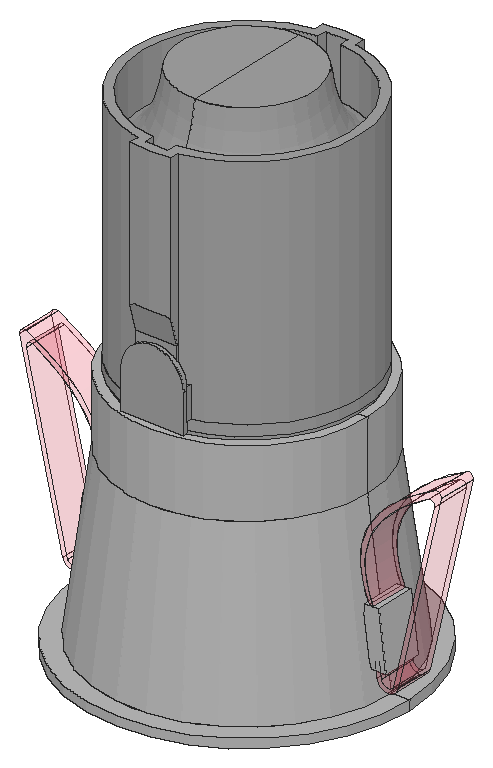
Revit family "LAMP_MOODY G2 800 (DALI) + MINI ROUND FIXED REFLECTOR", category Luminarias, Revit 2015
Parameters (values of type "2700K FLOOD")
  Ángulo de inclinación = 90.00°
  White reflector model = White reflector code  # "MORFRD072FXW"
  White reflector finish = "Matt white"
  White reflector description = "MOODY REF RD FX Ø72 WH."
  White reflector datasheet = "http://www.lamp.es/product-files/TECH/MORFRD072FXW-EN.pdf"
  White reflector code = "MORFRD072FXW"
  White reflector [instance] = no
  Wattage = 6.1 W
  UGR = "21"
  Type = "COB PHILIPS"
  Total weight = 0.242 kg
  Total height = 115 mm
  Silver reflector model = Silver reflector code  # "MORFRD072FXM"
  Silver reflector finish = "Metalized matt silver"
  Silver reflector description = "MOODY REF RD FX Ø72 MET."
  Silver reflector datasheet = "http://www.lamp.es/product-files/TECH/MORFRD072FXM-EN.pdf"
  Silver reflector code = "MORFRD072FXM"
  Silver reflector [instance] = no
  Reflector diameter = 72 mm
  Reflector [instance] = and(not(White reflector), not(Copper reflector), not(Black reflector), not(Silver reflector))  # no
  Recessed diameter = 68 mm
  built-in parameter 1150110 = 1 (stored number, unit not read)
  Protection rating = "IP20"
  Product URL = "https://www.lamp.es/en/family/moody_33323"
  Power Supply = "220-240V 50/60Hz"
  Power = 5 W
  Plum = 6.1 W
  Model explanation = "Availability of switching reflector colour when placed in a project."
  Material Reflector Plata = LAMP_PC Reflector Moody GR
  Material Reflector Negro = LAMP_PC Reflector Moody NG
  Material Reflector Cobre = LAMP_PC Reflector Moody CO
  Material Reflector Blanco = LAMP_PC Reflector Moody BL
  Material Muelle Emp. = LAMP_Acero genérico
  Manufacturer name = "LAMP"
  Manufacturer country = "Spain"
  Manufacturer URL = "http://www.lamp.es/en"
  MacAdam = "3"
  Lámpara = "COB LED"
  Luminaire type = "Indoor - Recessed Downlight"
  Last update = "28/08/2019"
  LED Lifetime = "50.000 L90 B10"
  Insulation class = "II"
  Installation instructions = "https://www.lamp.es/product-files/INS/1004620-A-INSTR.%20MOODY%20G2.pdf"
  IEE = "A++"
  Gear = "Adjustable DALI"
  built-in parameter 1114217 = 1 (stored number, unit not read)
  built-in parameter 1150109 = 1 (stored number, unit not read)
  Fabricante = Manufacturer name  # "LAMP"
  Efficacy = 71.3 lm/W
  Descripción = "MOODY G2 800 VWW FL DALI BK."
  Core product code = "MO208FL927DB"
  Core model = Core product code  # "MO208FL927DB"
  Core diameter = 50 mm
  Core description = "MOODY CORE 500 VWW MFL"
  Core datasheet = "http://www.lamp.es/product-files/TECH/MO208FL927DB-EN.pdf"
  Copper reflector model = Copper reflector code  # "MORFRD072FXC"
  Copper reflector finish = "Metalized matt copper"
  Copper reflector description = "MOODY REF RD FX Ø72 CO."
  Copper reflector datasheet = "http://www.lamp.es/product-files/TECH/MORFRD072FXW-EN.pdf"
  Copper reflector code = "MORFRD072FXC"
  Comentarios de tipo = Model explanation  # "Availability of switching reflector colour when placed in a project."
  built-in parameter 1150134 = (empty or 0)
  built-in parameter 1150113 = 1 (stored number, unit not read)
  Lumens = 434.93 lm
  built-in parameter 1150115 = 1 (stored number, unit not read)
  built-in parameter 1150105 = 34.611 (stored number, unit not read)
  built-in parameter 1150137 = (empty or 0)
  built-in parameter 1150139 = (empty or 0)
  built-in parameter 1150112 = 1 (stored number, unit not read)
  built-in parameter 1150114 = 1 (stored number, unit not read)
  built-in parameter 1150132 = 2
  built-in parameter 1150102 = (empty or 0)
  built-in parameter 1150138 = (empty or 0)
  built-in parameter 1150107 = 2700 (stored number, unit not read)
  built-in parameter 1150106 = 0.34611 (stored number, unit not read)
  built-in parameter 1150104 = 6.624 (stored number, unit not read)
  Dimming Lamp Color Temperature Shift = (empty or 0)
  Color Filter = 16777215
  built-in parameter 1114218 = 1 (stored number, unit not read)
  CRI = "90"
  Copper reflector [instance] = yes
  Black reflector model = Black reflector code  # "MORFRD072FXB"
  Black reflector finish = "Matt black"
  Black reflector description = "MOODY REF RD FX Ø72 BK."
  Black reflector datasheet = "http://www.lamp.es/product-files/TECH/MORFRD072FXB-EN.pdf"
  Black reflector code = "MORFRD072FXB"
  Black reflector [instance] = no
  Archivo de red fotométrica = "MO208FL927TB+MORFRD072FXM.IES"
  Altura reflector = 52.8 mm
  built-in parameter 1150133 = 10 (stored number, unit not read)
Types (9, lengths in mm): name | Efficacy | Descripción | Core product code | Core model | Core datasheet | built-in parameter 1150107 | CRI
  2700K FLOOD | 71.3 lm/W | "MOODY G2 800 VWW FL DALI BK." | "MO208FL927DB" | "MO208FL927DB" | "http://www.lamp.es/product-files/TECH/MO208FL927DB-EN.pdf" | 2700 (stored number, unit not read) | "90"
  2700K SPOT | 71.3 lm/W | "MOODY G2 800 VWW SP DALI BK." | "MO208SP927DB" | "MO208SP927DB" | "http://www.lamp.es/product-files/TECH/MO208SP927DB-EN.pdf" | 2700 (stored number, unit not read) | "90"
  2700K WIDE FLOOD | 71.3 lm/W | "MOODY G2 800 VWW WFL DALI BK." | "MO208WF927DB" | "MO208WF927DB" | "http://www.lamp.es/product-files/TECH/MO208WF927DB-EN.pdf" | 2700 (stored number, unit not read) | "90"
  3000K FLOOD | 87.4 lm/W | "MOODY G2 800 WW FL DALI BK." | "MO208FL830DB" | "MO208FL830DB" | "http://www.lamp.es/product-files/TECH/MO208FL830DB-EN.pdf" | 3000 (stored number, unit not read) | "80"
  3000K SPOT | 87.4 lm/W | "MOODY G2 800 WW SP DALI BK." | "MO208SP830DB" | "MO208SP830DB" | "http://www.lamp.es/product-files/TECH/MO208SP830DB-EN.pdf" | 3000 (stored number, unit not read) | "80"
  3000K WIDE FLOOD | 87.4 lm/W | "MOODY G2 800 WW WFL DALI BK." | "MO208WF830DB" | "MO208WF830DB" | "http://www.lamp.es/product-files/TECH/MO208WF830DB-EN.pdf" | 3000 (stored number, unit not read) | "80"
  4000K FLOOD | 92.6 lm/W | "MOODY G2 800 NW FL DALI BK." | "MO208FL840DB" | "MO208FL840DB" | "http://www.lamp.es/product-files/TECH/MO208FL840DB-EN.pdf" | 4000 (stored number, unit not read) | "80"
  4000K SPOT | 92.6 lm/W | "MOODY G2 800 NW SP DALI BK." | "MO208SP840DB" | "MO208SP840DB" | "http://www.lamp.es/product-files/TECH/MO208SP840DB-EN.pdf" | 4000 (stored number, unit not read) | "80"
  4000K WIDE FLOOD | 92.6 lm/W | "MOODY G2 800 NW WFL DALI BK." | "MO208WF840DB" | "MO208WF840DB" | "http://www.lamp.es/product-files/TECH/MO208WF840DB-EN.pdf" | 4000 (stored number, unit not read) | "80"
Reference planes
  plane 1 "Eje de origen de luz (F/P)": y = 0
  plane 2: z = 0
  plane 3 "Eje de origen de luz (I/D)": x = 0
  plane 4 "Techo": z = 4000
  plane 5 "Elevación de origen de luz": z = 4000
Forms (mm)
  Revolve 1, solid, material "LAMP_PC Reflector Moody CO" <- "Material Reflector Cobre", visible <- "Reflector"
    sketch origin (0, 0, 0) x (1, 0, 0) y (0, 0, 1)
      loop
        line (-30, 3998) -> (-30, 4000) -> (-24.838, 4037.526) -> (-24.838, 4045.8) -> (-23.138, 4045.8) -> (-23.138, 4047.8) -> (-24.838, 4047.8) -> (-24.838, 4052.8) -> (-26.8, 4052.8) -> (-26.8, 4037.8) -> (-32, 4000) -> (-36, 4000) -> (-36, 3998) -> (-30, 3998)
      axis (0, 3998) -> (0, 4052.8)
    angle from 0 to 360
  Extrusion 2, solid, material "LAMP_PC Reflector Moody CO" <- "Material Reflector Cobre", visible <- "Reflector"
    sketch origin (0, 0, 0) x (1, 0, 0) y (0, 0, 1)
      loop
        line (-31.187, 4006.379) -> (-29.063, 4012.148) -> (-29.652, 4018.879) -> (-32.652, 4018.879) -> (-34.187, 4006.379) -> (-31.187, 4006.379)
    from 4.4 to -4.4
  Extrusion 3, solid, material "LAMP_Acero genérico" <- "Material Muelle Emp."
    sketch origin (0, 0, 0) x (1, 0, 0) y (0, 0, 1)
      loop
        line (-31.943, 4008.334) -> (-32.936, 4008.456) -> (-33.354, 4005.052)
        arc (-33.354, 4005.052) -> (-34.505, 4003.774) -> (-36.101, 4004.418) r 1.5
        line (-36.101, 4004.418) -> (-45.08, 4043.315)
        arc (-45.08, 4043.315) -> (-44.744, 4044.291) -> (-43.719, 4044.417) r 0.975
        spline (-43.719, 4044.417) -> (-39.839, 4042.049) -> (-36.692, 4039.685) -> (-34.215, 4037.335) -> (-32.344, 4035.012) -> (-31.016, 4032.729) -> (-30.17, 4030.498) -> (-29.74, 4028.33) -> (-29.666, 4026.239) -> (-29.883, 4024.236) -> (-30.329, 4022.333) -> (-30.941, 4020.544) -> (-31.656, 4018.879)
        line (-31.656, 4018.879) -> (-30.649, 4018.879)
        spline (-30.649, 4018.879) -> (-29.869, 4020.895) -> (-29.241, 4023.007) -> (-28.826, 4025.204) -> (-28.688, 4027.472) -> (-28.891, 4029.797) -> (-29.498, 4032.167) -> (-30.573, 4034.568) -> (-32.179, 4036.988) -> (-34.38, 4039.414) -> (-37.239, 4041.832) -> (-40.82, 4044.23) -> (-45.186, 4046.593)
        arc (-45.186, 4046.593) -> (-46.211, 4046.467) -> (-46.547, 4045.491) r 0.975
        line (-46.547, 4045.491) -> (-37.091, 4004.532)
        arc (-37.091, 4004.532) -> (-36.228, 4003.203) -> (-34.714, 4002.739) r 2.317
        arc (-34.714, 4002.739) -> (-33.138, 4003.406) -> (-32.361, 4004.931) r 2.5
        line (-32.361, 4004.931) -> (-31.943, 4008.334)
    from 4.4 to -4.4
  Extrusion 4, solid, material "LAMP_PC Reflector Moody CO" <- "Material Reflector Cobre", visible <- "Reflector"
    sketch origin (0, 0, 0) x (-1, 0, 0) y (0, 0, -1)
      loop
        line (-31.187, -4006.379) -> (-34.187, -4006.379) -> (-32.652, -4018.879) -> (-29.652, -4018.879) -> (-29.063, -4012.148) -> (-31.187, -4006.379)
    from 4.4 to -4.4
  Extrusion 5, solid, material "LAMP_Acero genérico" <- "Material Muelle Emp."
    sketch origin (0, 0, 0) x (-1, 0, 0) y (0, 0, -1)
      loop
        line (-31.943, -4008.334) -> (-32.361, -4004.931)
        arc (-32.361, -4004.931) -> (-33.138, -4003.406) -> (-34.714, -4002.739) r 2.5
        arc (-34.714, -4002.739) -> (-36.228, -4003.203) -> (-37.091, -4004.532) r 2.317
        line (-37.091, -4004.532) -> (-46.547, -4045.491)
        arc (-46.547, -4045.491) -> (-46.211, -4046.467) -> (-45.186, -4046.593) r 0.975
        spline (-45.186, -4046.593) -> (-40.82, -4044.23) -> (-37.239, -4041.832) -> (-34.38, -4039.414) -> (-32.179, -4036.988) -> (-30.573, -4034.568) -> (-29.498, -4032.167) -> (-28.891, -4029.797) -> (-28.688, -4027.472) -> (-28.826, -4025.204) -> (-29.241, -4023.007) -> (-29.869, -4020.895) -> (-30.649, -4018.879)
        line (-30.649, -4018.879) -> (-31.656, -4018.879)
        spline (-31.656, -4018.879) -> (-30.941, -4020.544) -> (-30.329, -4022.333) -> (-29.883, -4024.236) -> (-29.666, -4026.239) -> (-29.74, -4028.33) -> (-30.17, -4030.498) -> (-31.016, -4032.729) -> (-32.344, -4035.012) -> (-34.215, -4037.335) -> (-36.692, -4039.685) -> (-39.839, -4042.049) -> (-43.719, -4044.417)
        arc (-43.719, -4044.417) -> (-44.744, -4044.291) -> (-45.08, -4043.315) r 0.975
        line (-45.08, -4043.315) -> (-36.101, -4004.418)
        arc (-36.101, -4004.418) -> (-34.505, -4003.774) -> (-33.354, -4005.052) r 1.5
        line (-33.354, -4005.052) -> (-32.936, -4008.456) -> (-31.943, -4008.334)
    from 4.4 to -4.4
  Revolve 6, solid, material "LAMP_PC Reflector Moody BL" <- "Material Reflector Blanco", visible <- "White reflector"
    sketch origin (0, 0, 0) x (1, 0, 0) y (0, 0, 1)
      loop
        line (-30, 3998) -> (-30, 4000) -> (-24.838, 4037.526) -> (-24.838, 4045.8) -> (-23.138, 4045.8) -> (-23.138, 4047.8) -> (-24.838, 4047.8) -> (-24.838, 4052.8) -> (-26.8, 4052.8) -> (-26.8, 4037.8) -> (-32, 4000) -> (-36, 4000) -> (-36, 3998) -> (-30, 3998)
      axis (0, 3998) -> (0, 4052.8)
    angle from 0 to 360
  Extrusion 7, solid, material "LAMP_PC Reflector Moody BL" <- "Material Reflector Blanco", visible <- "White reflector"
    sketch origin (0, 0, 0) x (1, 0, 0) y (0, 0, 1)
      loop
        line (-31.187, 4006.379) -> (-29.063, 4012.148) -> (-29.652, 4018.879) -> (-32.652, 4018.879) -> (-34.187, 4006.379) -> (-31.187, 4006.379)
    from 4.4 to -4.4
  Extrusion 8, solid, material "LAMP_PC Reflector Moody BL" <- "Material Reflector Blanco", visible <- "White reflector"
    sketch origin (0, 0, 0) x (-1, 0, 0) y (0, 0, -1)
      loop
        line (-31.187, -4006.379) -> (-34.187, -4006.379) -> (-32.652, -4018.879) -> (-29.652, -4018.879) -> (-29.063, -4012.148) -> (-31.187, -4006.379)
    from 4.4 to -4.4
  Revolve 9, solid, material "LAMP_PC Reflector Moody CO" <- "Material Reflector Cobre", visible <- "Copper reflector"
    sketch origin (0, 0, 0) x (1, 0, 0) y (0, 0, 1)
      loop
        line (-30, 3998) -> (-30, 4000) -> (-24.838, 4037.526) -> (-24.838, 4045.8) -> (-23.138, 4045.8) -> (-23.138, 4047.8) -> (-24.838, 4047.8) -> (-24.838, 4052.8) -> (-26.8, 4052.8) -> (-26.8, 4037.8) -> (-32, 4000) -> (-36, 4000) -> (-36, 3998) -> (-30, 3998)
      axis (0, 3998) -> (0, 4052.8)
    angle from 0 to 360
  Extrusion 10, solid, material "LAMP_PC Reflector Moody CO" <- "Material Reflector Cobre", visible <- "Copper reflector"
    sketch origin (0, 0, 0) x (1, 0, 0) y (0, 0, 1)
      loop
        line (-31.187, 4006.379) -> (-29.063, 4012.148) -> (-29.652, 4018.879) -> (-32.652, 4018.879) -> (-34.187, 4006.379) -> (-31.187, 4006.379)
    from 4.4 to -4.4
  Extrusion 11, solid, material "LAMP_PC Reflector Moody CO" <- "Material Reflector Cobre", visible <- "Copper reflector"
    sketch origin (0, 0, 0) x (-1, 0, 0) y (0, 0, -1)
      loop
        line (-31.187, -4006.379) -> (-34.187, -4006.379) -> (-32.652, -4018.879) -> (-29.652, -4018.879) -> (-29.063, -4012.148) -> (-31.187, -4006.379)
    from 4.4 to -4.4
  Revolve 12, solid, material "LAMP_PC Reflector Moody NG" <- "Material Reflector Negro", visible <- "Black reflector"
    sketch origin (0, 0, 0) x (1, 0, 0) y (0, 0, 1)
      loop
        line (-30, 3998) -> (-30, 4000) -> (-24.838, 4037.526) -> (-24.838, 4045.8) -> (-23.138, 4045.8) -> (-23.138, 4047.8) -> (-24.838, 4047.8) -> (-24.838, 4052.8) -> (-26.8, 4052.8) -> (-26.8, 4037.8) -> (-32, 4000) -> (-36, 4000) -> (-36, 3998) -> (-30, 3998)
      axis (0, 3998) -> (0, 4052.8)
    angle from 0 to 360
  Extrusion 13, solid, material "LAMP_PC Reflector Moody NG" <- "Material Reflector Negro", visible <- "Black reflector"
    sketch origin (0, 0, 0) x (1, 0, 0) y (0, 0, 1)
      loop
        line (-31.187, 4006.379) -> (-29.063, 4012.148) -> (-29.652, 4018.879) -> (-32.652, 4018.879) -> (-34.187, 4006.379) -> (-31.187, 4006.379)
    from 4.4 to -4.4
  Extrusion 14, solid, material "LAMP_PC Reflector Moody NG" <- "Material Reflector Negro", visible <- "Black reflector"
    sketch origin (0, 0, 0) x (-1, 0, 0) y (0, 0, -1)
      loop
        line (-31.187, -4006.379) -> (-34.187, -4006.379) -> (-32.652, -4018.879) -> (-29.652, -4018.879) -> (-29.063, -4012.148) -> (-31.187, -4006.379)
    from 4.4 to -4.4
  Revolve 15, solid, material "LAMP_PC Reflector Moody GR" <- "Material Reflector Plata", visible <- "Silver reflector"
    sketch origin (0, 0, 0) x (1, 0, 0) y (0, 0, 1)
      loop
        line (-30, 3998) -> (-30, 4000) -> (-24.838, 4037.526) -> (-24.838, 4045.8) -> (-23.138, 4045.8) -> (-23.138, 4047.8) -> (-24.838, 4047.8) -> (-24.838, 4052.8) -> (-26.8, 4052.8) -> (-26.8, 4037.8) -> (-32, 4000) -> (-36, 4000) -> (-36, 3998) -> (-30, 3998)
      axis (0, 3998) -> (0, 4052.8)
    angle from 0 to 360
  Extrusion 16, solid, material "LAMP_PC Reflector Moody GR" <- "Material Reflector Plata", visible <- "Silver reflector"
    sketch origin (0, 0, 0) x (1, 0, 0) y (0, 0, 1)
      loop
        line (-31.187, 4006.379) -> (-29.063, 4012.148) -> (-29.652, 4018.879) -> (-32.652, 4018.879) -> (-34.187, 4006.379) -> (-31.187, 4006.379)
    from 4.4 to -4.4
  Extrusion 17, solid, material "LAMP_PC Reflector Moody GR" <- "Material Reflector Plata", visible <- "Silver reflector"
    sketch origin (0, 0, 0) x (-1, 0, 0) y (0, 0, -1)
      loop
        line (-31.187, -4006.379) -> (-34.187, -4006.379) -> (-32.652, -4018.879) -> (-29.652, -4018.879) -> (-29.063, -4012.148) -> (-31.187, -4006.379)
    from 4.4 to -4.4
Text (mm)
  text "Any modification of the parameters and properties of the LAMP BIM models must be executed and validated by the LAMP technical department.\n\nPhone: +34 93 736 68 00\n\nE-mail: lamp@lamp.es\n\n\n\nLAMP reserves the right to modify the technical specifications of its products." at (-1613.159, 2195.866, 3466.417), in view "Preview"
Dimensions and locks
  equal spacing: host sketch curve, plane 3 "Eje de origen de luz (I/D)", host sketch curve
  equal spacing: host sketch curve, plane 1 "Eje de origen de luz (F/P)", host sketch curve
  host sketch curve to host sketch curve = 4000 mm  (x2)
  locked: plane 4 "Techo" to host ceiling at 0
  "Altura reflector": plane 4 "Techo" to Revolve 1
  locked: Revolve 1 to nested 1 at 60
  aligned and locked: plane 3 "Eje de origen de luz (I/D)" to imposter light
  aligned and locked: plane 1 "Eje de origen de luz (F/P)" to imposter light
  aligned and locked: plane 5 "Elevación de origen de luz" to imposter light
  aligned and locked: imposter light to plane 4 "Techo"
Automatic sketch dimensions
  Revolve 1 sketch curve to plane 4 "Techo" = 0 mm  (x2)
  Revolve 1 sketch curve to plane 3 "Eje de origen de luz (I/D)" = 0 mm
  Revolve 1 sketch curve to plane 3 "Eje de origen de luz (I/D)" = 23.138 mm
  Revolve 1 sketch curve to Revolve 1 sketch curve = 1.7 mm  (x2)
  Revolve 1 sketch curve to Revolve 1 sketch curve = 1.962 mm
  Revolve 1 sketch curve to plane 3 "Eje de origen de luz (I/D)" = 30 mm
  Revolve 1 sketch curve to Revolve 1 sketch curve = 2 mm  (x2)
  Revolve 1 sketch curve to Revolve 1 sketch curve = 4 mm
  plane 4 "Techo" to Revolve 1 sketch curve = 2 mm
  Revolve 1 sketch curve to plane 4 "Techo" = 37.526 mm
  Revolve 1 sketch curve to Revolve 1 sketch curve = 0.274 mm
  Revolve 1 sketch curve to Revolve 1 sketch curve = 8 mm
  Revolve 1 sketch curve to Revolve 1 sketch curve = 5 mm
  Revolve 1 sketch curve to level = 358.228 mm
  Revolve 1 sketch curve to Revolve 1 sketch curve = 309.385 mm
  Extrusion 2 sketch curve to plane 4 "Techo" = 6.379 mm
  Extrusion 2 sketch curve to plane 3 "Eje de origen de luz (I/D)" = 34.187 mm
  Extrusion 2 sketch curve to Extrusion 2 sketch curve = 1.535 mm
  Extrusion 2 sketch curve to Extrusion 2 sketch curve = 3 mm  (x2)
  Extrusion 2 sketch curve to plane 4 "Techo" = 12.148 mm
  Extrusion 2 sketch curve to Extrusion 2 sketch curve = 2.124 mm
  Extrusion 2 sketch curve to Extrusion 2 sketch curve = 6.731 mm
  Extrusion 3 sketch curve to Extrusion 3 sketch curve = 0 mm  (x2)
  Extrusion 3 sketch curve to plane 3 "Eje de origen de luz (I/D)" = 46.547 mm
  Extrusion 3 sketch curve to Extrusion 3 sketch curve = 0.95 mm  (x2)
  Extrusion 3 sketch curve to Extrusion 3 sketch curve = 0.412 mm  (x2)
  Extrusion 3 sketch curve to Extrusion 3 sketch curve = 0.517 mm
  Extrusion 3 sketch curve to plane 4 "Techo" = 4.532 mm
  Extrusion 3 sketch curve to plane 3 "Eje de origen de luz (I/D)" = 37.091 mm
  Extrusion 3 sketch curve to plane 4 "Techo" = 4.418 mm
  Extrusion 3 sketch curve to Extrusion 3 sketch curve = 0.991 mm
  Extrusion 3 sketch curve to Extrusion 3 sketch curve = 1.258 mm
  Extrusion 3 sketch curve to Extrusion 3 sketch curve = 0.009 mm
  Extrusion 3 sketch curve to plane 4 "Techo" = 5.052 mm
  Extrusion 3 sketch curve to Extrusion 3 sketch curve = 1.479 mm
  Extrusion 3 sketch curve to plane 4 "Techo" = 8.456 mm
  Extrusion 3 sketch curve to Extrusion 3 sketch curve = 0.418 mm
  Extrusion 3 sketch curve to plane 4 "Techo" = 4.931 mm
  Extrusion 3 sketch curve to Extrusion 3 sketch curve = 0.993 mm
  Extrusion 3 sketch curve to Extrusion 3 sketch curve = 1.28 mm
  Extrusion 3 sketch curve to Extrusion 3 sketch curve = 1.008 mm
  Extrusion 3 sketch curve to Extrusion 3 sketch curve = 0.182 mm
  Extrusion 3 sketch curve to Extrusion 3 sketch curve = 10.423 mm
  Extrusion 3 sketch curve to Extrusion 3 sketch curve = 24.435 mm
  Extrusion 3 sketch curve to Extrusion 3 sketch curve = 0.219 mm  (x2)
  Extrusion 3 sketch curve to Extrusion 3 sketch curve = 2.176 mm
  plane 4 "Techo" to Extrusion 4 sketch curve = 6.379 mm
  Extrusion 4 sketch curve to plane 3 "Eje de origen de luz (I/D)" = 34.187 mm
  Extrusion 4 sketch curve to Extrusion 4 sketch curve = 1.535 mm
  Extrusion 4 sketch curve to Extrusion 4 sketch curve = 3 mm  (x2)
  plane 4 "Techo" to Extrusion 4 sketch curve = 12.148 mm
  Extrusion 4 sketch curve to Extrusion 4 sketch curve = 2.124 mm
  Extrusion 4 sketch curve to Extrusion 4 sketch curve = 6.731 mm
  Extrusion 5 sketch curve to Extrusion 5 sketch curve = 0 mm  (x2)
  Extrusion 5 sketch curve to plane 3 "Eje de origen de luz (I/D)" = 46.547 mm
  Extrusion 5 sketch curve to Extrusion 5 sketch curve = 0.95 mm  (x2)
  Extrusion 5 sketch curve to Extrusion 5 sketch curve = 0.412 mm  (x2)
  Extrusion 5 sketch curve to Extrusion 5 sketch curve = 0.517 mm
  plane 4 "Techo" to Extrusion 5 sketch curve = 4.532 mm
  Extrusion 5 sketch curve to plane 3 "Eje de origen de luz (I/D)" = 37.091 mm
  plane 4 "Techo" to Extrusion 5 sketch curve = 4.418 mm
  Extrusion 5 sketch curve to Extrusion 5 sketch curve = 0.991 mm
  Extrusion 5 sketch curve to Extrusion 5 sketch curve = 1.258 mm
  Extrusion 5 sketch curve to Extrusion 5 sketch curve = 0.009 mm
  plane 4 "Techo" to Extrusion 5 sketch curve = 5.052 mm
  Extrusion 5 sketch curve to Extrusion 5 sketch curve = 1.479 mm
  plane 4 "Techo" to Extrusion 5 sketch curve = 8.456 mm
  Extrusion 5 sketch curve to Extrusion 5 sketch curve = 0.418 mm
  plane 4 "Techo" to Extrusion 5 sketch curve = 4.931 mm
  Extrusion 5 sketch curve to Extrusion 5 sketch curve = 0.993 mm
  Extrusion 5 sketch curve to Extrusion 5 sketch curve = 1.28 mm
  Extrusion 5 sketch curve to Extrusion 5 sketch curve = 1.008 mm
  Extrusion 5 sketch curve to Extrusion 5 sketch curve = 0.182 mm
  Extrusion 5 sketch curve to Extrusion 5 sketch curve = 10.423 mm
  Extrusion 5 sketch curve to Extrusion 5 sketch curve = 24.435 mm
  Extrusion 5 sketch curve to Extrusion 5 sketch curve = 0.219 mm  (x2)
  Extrusion 5 sketch curve to Extrusion 5 sketch curve = 2.176 mm
  Revolve 6 sketch curve to plane 4 "Techo" = 0 mm  (x2)
  plane 4 "Techo" to Revolve 6 sketch curve = 2 mm
  Revolve 6 sketch curve to plane 3 "Eje de origen de luz (I/D)" = 36 mm
  Revolve 6 sketch curve to Revolve 6 sketch curve = 4 mm
  Revolve 6 sketch curve to Revolve 6 sketch curve = 2 mm  (x2)
  Revolve 6 sketch curve to Revolve 6 sketch curve = 3.2 mm
  Revolve 6 sketch curve to Revolve 6 sketch curve = 1.962 mm  (x2)
  Revolve 6 sketch curve to Revolve 6 sketch curve = 1.7 mm
  Revolve 6 sketch curve to plane 4 "Techo" = 37.526 mm
  Revolve 6 sketch curve to Revolve 6 sketch curve = 0.274 mm
  Revolve 6 sketch curve to Revolve 6 sketch curve = 8 mm
  Revolve 6 sketch curve to Revolve 6 sketch curve = 5 mm
  plane 3 "Eje de origen de luz (I/D)" to Revolve 6 sketch curve = 0 mm
  Revolve 6 sketch curve to level = 358.228 mm
  Revolve 6 sketch curve to Revolve 6 sketch curve = 309.385 mm
  Extrusion 7 sketch curve to plane 4 "Techo" = 6.379 mm
  Extrusion 7 sketch curve to plane 3 "Eje de origen de luz (I/D)" = 34.187 mm
  Extrusion 7 sketch curve to Extrusion 7 sketch curve = 1.535 mm
  Extrusion 7 sketch curve to Extrusion 7 sketch curve = 3 mm  (x2)
  Extrusion 7 sketch curve to plane 4 "Techo" = 18.879 mm
  Extrusion 7 sketch curve to plane 4 "Techo" = 12.148 mm
  Extrusion 7 sketch curve to Extrusion 7 sketch curve = 2.124 mm
  plane 4 "Techo" to Extrusion 8 sketch curve = 6.379 mm
  Extrusion 8 sketch curve to plane 3 "Eje de origen de luz (I/D)" = 34.187 mm
  Extrusion 8 sketch curve to Extrusion 8 sketch curve = 1.535 mm
  Extrusion 8 sketch curve to Extrusion 8 sketch curve = 3 mm  (x2)
  plane 4 "Techo" to Extrusion 8 sketch curve = 18.879 mm
  plane 4 "Techo" to Extrusion 8 sketch curve = 12.148 mm
  Extrusion 8 sketch curve to Extrusion 8 sketch curve = 2.124 mm
  Revolve 9 sketch curve to plane 4 "Techo" = 0 mm  (x2)
  plane 4 "Techo" to Revolve 9 sketch curve = 2 mm
  Revolve 9 sketch curve to plane 3 "Eje de origen de luz (I/D)" = 36 mm
  Revolve 9 sketch curve to Revolve 9 sketch curve = 4 mm
  Revolve 9 sketch curve to Revolve 9 sketch curve = 2 mm  (x2)
  Revolve 9 sketch curve to Revolve 9 sketch curve = 3.2 mm
  Revolve 9 sketch curve to Revolve 9 sketch curve = 1.962 mm  (x2)
  Revolve 9 sketch curve to Revolve 9 sketch curve = 1.7 mm
  Revolve 9 sketch curve to plane 4 "Techo" = 37.526 mm
  Revolve 9 sketch curve to Revolve 9 sketch curve = 0.274 mm
  Revolve 9 sketch curve to Revolve 9 sketch curve = 8 mm
  Revolve 9 sketch curve to Revolve 9 sketch curve = 5 mm
  plane 3 "Eje de origen de luz (I/D)" to Revolve 9 sketch curve = 0 mm
  Revolve 9 sketch curve to level = 358.228 mm
  Revolve 9 sketch curve to Revolve 9 sketch curve = 309.385 mm
  Extrusion 10 sketch curve to plane 4 "Techo" = 6.379 mm
  Extrusion 10 sketch curve to plane 3 "Eje de origen de luz (I/D)" = 34.187 mm
  Extrusion 10 sketch curve to Extrusion 10 sketch curve = 1.535 mm
  Extrusion 10 sketch curve to Extrusion 10 sketch curve = 3 mm  (x2)
  Extrusion 10 sketch curve to plane 4 "Techo" = 18.879 mm
  Extrusion 10 sketch curve to plane 4 "Techo" = 12.148 mm
  Extrusion 10 sketch curve to Extrusion 10 sketch curve = 2.124 mm
  plane 4 "Techo" to Extrusion 11 sketch curve = 6.379 mm
  Extrusion 11 sketch curve to plane 3 "Eje de origen de luz (I/D)" = 34.187 mm
  Extrusion 11 sketch curve to Extrusion 11 sketch curve = 1.535 mm
  Extrusion 11 sketch curve to Extrusion 11 sketch curve = 3 mm  (x2)
  plane 4 "Techo" to Extrusion 11 sketch curve = 18.879 mm
  plane 4 "Techo" to Extrusion 11 sketch curve = 12.148 mm
  Extrusion 11 sketch curve to Extrusion 11 sketch curve = 2.124 mm
  Revolve 12 sketch curve to plane 4 "Techo" = 0 mm  (x2)
  plane 4 "Techo" to Revolve 12 sketch curve = 2 mm
  Revolve 12 sketch curve to plane 3 "Eje de origen de luz (I/D)" = 36 mm
  Revolve 12 sketch curve to Revolve 12 sketch curve = 4 mm
  Revolve 12 sketch curve to Revolve 12 sketch curve = 2 mm  (x2)
  Revolve 12 sketch curve to Revolve 12 sketch curve = 3.2 mm
  Revolve 12 sketch curve to Revolve 12 sketch curve = 1.962 mm  (x2)
  Revolve 12 sketch curve to Revolve 12 sketch curve = 1.7 mm
  Revolve 12 sketch curve to plane 4 "Techo" = 37.526 mm
  Revolve 12 sketch curve to Revolve 12 sketch curve = 0.274 mm
  Revolve 12 sketch curve to Revolve 12 sketch curve = 8 mm
  Revolve 12 sketch curve to Revolve 12 sketch curve = 5 mm
  plane 3 "Eje de origen de luz (I/D)" to Revolve 12 sketch curve = 0 mm
  Revolve 12 sketch curve to level = 358.228 mm
  Revolve 12 sketch curve to Revolve 12 sketch curve = 309.385 mm
  Extrusion 13 sketch curve to plane 4 "Techo" = 6.379 mm
  Extrusion 13 sketch curve to plane 3 "Eje de origen de luz (I/D)" = 34.187 mm
  Extrusion 13 sketch curve to Extrusion 13 sketch curve = 1.535 mm
  Extrusion 13 sketch curve to Extrusion 13 sketch curve = 3 mm  (x2)
  Extrusion 13 sketch curve to plane 4 "Techo" = 18.879 mm
  Extrusion 13 sketch curve to plane 4 "Techo" = 12.148 mm
  Extrusion 13 sketch curve to Extrusion 13 sketch curve = 2.124 mm
  plane 4 "Techo" to Extrusion 14 sketch curve = 6.379 mm
  Extrusion 14 sketch curve to plane 3 "Eje de origen de luz (I/D)" = 34.187 mm
  Extrusion 14 sketch curve to Extrusion 14 sketch curve = 1.535 mm
  Extrusion 14 sketch curve to Extrusion 14 sketch curve = 3 mm  (x2)
  plane 4 "Techo" to Extrusion 14 sketch curve = 18.879 mm
  plane 4 "Techo" to Extrusion 14 sketch curve = 12.148 mm
  Extrusion 14 sketch curve to Extrusion 14 sketch curve = 2.124 mm
  Revolve 15 sketch curve to plane 4 "Techo" = 0 mm  (x2)
  plane 4 "Techo" to Revolve 15 sketch curve = 2 mm
  Revolve 15 sketch curve to plane 3 "Eje de origen de luz (I/D)" = 36 mm
  Revolve 15 sketch curve to Revolve 15 sketch curve = 4 mm
  Revolve 15 sketch curve to Revolve 15 sketch curve = 2 mm  (x2)
  Revolve 15 sketch curve to Revolve 15 sketch curve = 3.2 mm
  Revolve 15 sketch curve to Revolve 15 sketch curve = 1.962 mm  (x2)
  Revolve 15 sketch curve to Revolve 15 sketch curve = 1.7 mm
  Revolve 15 sketch curve to plane 4 "Techo" = 37.526 mm
  Revolve 15 sketch curve to Revolve 15 sketch curve = 0.274 mm
  Revolve 15 sketch curve to Revolve 15 sketch curve = 8 mm
  Revolve 15 sketch curve to Revolve 15 sketch curve = 5 mm
  plane 3 "Eje de origen de luz (I/D)" to Revolve 15 sketch curve = 0 mm
  Revolve 15 sketch curve to level = 358.228 mm
  Revolve 15 sketch curve to Revolve 15 sketch curve = 309.385 mm
  Extrusion 16 sketch curve to plane 4 "Techo" = 6.379 mm
  Extrusion 16 sketch curve to plane 3 "Eje de origen de luz (I/D)" = 34.187 mm
  Extrusion 16 sketch curve to Extrusion 16 sketch curve = 1.535 mm
  Extrusion 16 sketch curve to Extrusion 16 sketch curve = 3 mm  (x2)
  Extrusion 16 sketch curve to plane 4 "Techo" = 18.879 mm
  Extrusion 16 sketch curve to plane 4 "Techo" = 12.148 mm
  Extrusion 16 sketch curve to Extrusion 16 sketch curve = 2.124 mm
  plane 4 "Techo" to Extrusion 17 sketch curve = 6.379 mm
  Extrusion 17 sketch curve to plane 3 "Eje de origen de luz (I/D)" = 34.187 mm
  Extrusion 17 sketch curve to Extrusion 17 sketch curve = 1.535 mm
  Extrusion 17 sketch curve to Extrusion 17 sketch curve = 3 mm  (x2)
  plane 4 "Techo" to Extrusion 17 sketch curve = 18.879 mm
  plane 4 "Techo" to Extrusion 17 sketch curve = 12.148 mm
  Extrusion 17 sketch curve to Extrusion 17 sketch curve = 2.124 mm
Nested families
  nested 1: "LAMP_MOODY CORE 500" at (0, 0, 4047.8) x (0, 1, 0) z (0, 0, 1), type "LAMP_MOODY CORE 500"
Connectors
  electrical at (0, 0, 4000)
    settings: on imposter light, index 1, voltage 230 V, apparent load 0 VA, apparent load phase1 0 VA, apparent load phase2 0 VA, apparent load phase3 0 VA, power factor 1, load classification "Otro", number of poles 1, system type 31, power factor state 1, is connector primary yes, connector utility no, sub classification motor no, connector description ""
Definition of nested family "LAMP_MOODY CORE 500"
  Parameters (values of type "LAMP_MOODY CORE 500")
    Weight = 0.214 kg
    Protection rating = "IP20"
    Product name = "MOODY CORE 500"
    Product URL = "http://www.lamp.es/en/family/moody_33323"
    Material Reflector = none
    Material Cuerpo = none
    Material COB = none
    Manufacturer name = "LAMP"
    Manufacturer country = "Spain"
    Manufacturer URL = "http://www.lamp.es/en"
    Luminaire type = "Indoor - Recessed Downlight"
    Last update = "08/05/2018"
    Installation instructions = ""
    Height = 65 mm
    Finish = "Cataphorese"
    Manufacturer = Manufacturer name  # "LAMP"
    Default Elevation = 1219.2 mm
    Diameter = 50 mm
    Description = Product name  # "MOODY CORE 500"
    Type Comments = "For product codes and features, see corresponding files LAMP_CORE + REFLECTOR"
    Altura interior = 49 mm
  Reference planes
    plane 1 "Centro (Frontal/Posterior)": y = 0
    plane 2: z = 0
    plane 3 "Centro (Izquierda/Derecha)": x = 0
    plane 4: z = 49
  Forms (mm)
    Extrusion 1, solid
      sketch origin (0, 0, 0) x (1, 0, 0) y (0, 1, 0)
        loop
          line (-1219.2, 1219.2) -> (-1219.2, -1219.2) -> (1219.2, -1219.2) -> (1219.2, 1219.2) -> (-1219.2, 1219.2)
      from 0 to -304.8
    Extrusion 2, solid, material <- "Material Cuerpo"
      sketch origin (0, 0, 8.2) x (1, 0, 0) y (0, 1, 0)
        loop
          arc (-26.622, 4.5) -> (-27, 0) -> (-26.622, -4.5) r 27
          line (-26.622, -4.5) -> (-24.592, -4.5)
          arc (-24.592, -4.5) -> (0, -25) -> (24.592, -4.5) r 25
          line (24.592, -4.5) -> (26.622, -4.5)
          arc (26.622, -4.5) -> (27, 0) -> (26.622, 4.5) r 27
          line (26.622, 4.5) -> (24.592, 4.5)
          arc (24.592, 4.5) -> (0, 25) -> (-24.592, 4.5) r 25
          line (-24.592, 4.5) -> (-26.622, 4.5)
        loop
          line (-24.875, -2.5) -> (-22.864, -2.5)
          arc (-22.864, -2.5) -> (0, -23) -> (22.864, -2.5) r 23
          line (22.864, -2.5) -> (24.875, -2.5)
          arc (24.875, -2.5) -> (25, 0) -> (24.875, 2.5) r 25
          line (24.875, 2.5) -> (22.864, 2.5)
          arc (22.864, 2.5) -> (0, 23) -> (-22.864, 2.5) r 23
          line (-22.864, 2.5) -> (-24.875, 2.5)
          arc (-24.875, 2.5) -> (-25, 0) -> (-24.875, -2.5) r 25
      from 0 to 52
    Revolve 3, solid, material <- "Material Cuerpo"
      sketch origin (0, 0, 8.2) x (1, 0, 0) y (0, 0, 1)
        loop
          spline (-14.467, 56.8) -> (-14.836, 54.556) -> (-15.268, 52.477) -> (-15.761, 50.564) -> (-16.317, 48.817) -> (-16.935, 47.235) -> (-17.615, 45.819) -> (-18.357, 44.568) -> (-19.161, 43.483) -> (-20.028, 42.564) -> (-20.956, 41.81) -> (-21.947, 41.222) -> (-23, 40.8)
          line (-23, 40.8) -> (0, 40.8) -> (0, 56.8) -> (-14.467, 56.8)
        axis (0, 56.8) -> (0, 40.8)
      angle from 0 to 360
    Extrusion 4, void
      sketch origin (0, 0, 8.2) x (0, 1, 0) y (0, 0, 1)
        loop
          line (-7, 0) -> (7, 0) -> (7, 6.5) -> (-7, 6.5) -> (-7, 0)
      from -28 to 28
    Extrusion 5, void
      sketch origin (0, 0, 8.2) x (1, 0, 0) y (0, 0, 1)
        loop
          line (25.068, 6.5) -> (27.791, 6.5) -> (27.791, 20.707) -> (26.791, 20.707) -> (25.068, 14.278) -> (25.068, 6.5)
      from -7 to 7
    Extrusion 6, void
      sketch origin (0, 0, 8.2) x (-1, 0, 0) y (0, 0, -1)
        loop
          line (25.068, -6.3) -> (25.068, -14.078) -> (26.791, -20.507) -> (27.791, -20.507) -> (27.791, -6.3) -> (25.068, -6.3)
      from -7 to 7
    Revolve 7, solid, material <- "Material Cuerpo"
      sketch origin (0, 0, 0) x (1, 0, 0) y (0, 0, 1)
        loop
          line (24.8, 0) -> (24.8, 2.2) -> (22.75, 2.2) -> (22.75, 5.8) -> (25, 5.8) -> (25, 8.2) -> (21.4, 8.2) -> (21.4, 7) -> (20.45, 7) -> (20.45, 0) -> (24.8, 0)
        axis (0, 8.2) -> (0, 0)
      angle from 0 to 360
    Extrusion 8, solid, material <- "Material Cuerpo"
      sketch origin (0, 0, 11.6) x (1, 0, 0) y (0, 1, 0)
        loop
          line (-25.068, 4.5) -> (-22.555, 4.5)
          arc (-22.555, 4.5) -> (0, 23) -> (22.555, 4.5) r 23
          line (22.555, 4.5) -> (25.068, 4.5) -> (25.068, 6.9) -> (22.778, 6.9)
          arc (22.778, 6.9) -> (0, 23.8) -> (-22.778, 6.9) r 23.8
          line (-22.778, 6.9) -> (-25.068, 6.9) -> (-25.068, 4.5)
        loop
          line (-25.068, -4.5) -> (-25.068, -6.9) -> (-22.778, -6.9)
          arc (-22.778, -6.9) -> (0, -23.8) -> (22.778, -6.9) r 23.8
          line (22.778, -6.9) -> (25.068, -6.9) -> (25.068, -4.5) -> (22.555, -4.5)
          arc (22.555, -4.5) -> (0, -23) -> (-22.555, -4.5) r 23
          line (-22.555, -4.5) -> (-25.068, -4.5)
      from -3.4 to 3.4
    Extrusion 9, solid, material <- "Material Cuerpo"
      sketch origin (0, 0, 0) x (0, 1, 0) y (0, 0, -1)
        loop
          arc (-6.769, -14.306) -> (0.131, -21.206) -> (7.031, -14.306) r 6.9
          line (7.031, -14.306) -> (7.031, -5.8) -> (-6.769, -5.8) -> (-6.769, -14.306)
      from 26 to 25.068
    Extrusion 10, solid, material <- "Material Cuerpo"
      sketch origin (0, 0, 0) x (0, 1, 0) y (0, 0, 1)
        loop
          line (-6.769, 14.306) -> (-6.769, 5.8) -> (7.031, 5.8) -> (7.031, 14.306)
          arc (7.031, 14.306) -> (0.131, 21.206) -> (-6.769, 14.306) r 6.9
      from 26 to 25.068
    Revolve 11, solid, material <- "Material Reflector"
      sketch origin (0, 0, -1660) x (1, 0, 0) y (0, 0, 1)
        loop
          line (21.4, 1667) -> (14.233, 1685.672) -> (13.283, 1685.672) -> (20.45, 1667) -> (21.4, 1667)
        axis (0, 1685.672) -> (0, 1667)
      angle from 0 to 360
    Revolve 12, solid, material <- "Material COB"
      sketch origin (0, 0, -2160) x (1, 0, 0) y (0, 0, 1)
        loop
          line (0, 2185.672) -> (14.233, 2185.672) -> (14.233, 2186.672) -> (0, 2186.672) -> (0, 2185.672)
        axis (0, 2186.672) -> (0, 2185.672)
      angle from 0 to 360
  Cuts and joins
    Extrusion 4, Extrusion 5, Extrusion 6 cuts Extrusion 2
  Dimensions and locks
    "Altura interior": plane 4 to Extrusion 1
    locked: cut or joined group of Extrusion 2, Extrusion 4, Extrusion 5, Extrusion 6 to plane 4 at 11.2
    aligned and locked: plane 2 to Extrusion 1
    aligned and locked: level to Extrusion 1
    aligned and locked: Revolve 3 to plane 4
    aligned and locked: Extrusion 8 to Revolve 7
    aligned and locked: Revolve 12 to Revolve 11
  Automatic sketch dimensions
    Extrusion 1 sketch curve to Extrusion 1 sketch curve = 2438.4 mm  (x2)
    Extrusion 2 sketch curve to Extrusion 2 sketch curve = 0 mm  (x57)
    plane 1 "Centro (Frontal/Posterior)" to Extrusion 2 sketch curve = 0 mm
    Extrusion 2 sketch curve to plane 3 "Centro (Izquierda/Derecha)" = 0 mm
    Extrusion 2 sketch curve to plane 1 "Centro (Frontal/Posterior)" = 2.5 mm  (x2)
    Extrusion 2 sketch curve to plane 3 "Centro (Izquierda/Derecha)" = 22.864 mm
    Extrusion 2 sketch curve to Extrusion 2 sketch curve = 1.728 mm  (x4)
    Extrusion 2 sketch curve to Extrusion 2 sketch curve = 2.011 mm  (x3)
    Extrusion 2 sketch curve to Extrusion 2 sketch curve = 2.031 mm  (x3)
    plane 1 "Centro (Frontal/Posterior)" to Extrusion 2 sketch curve = 2.5 mm
    Extrusion 2 sketch curve to Extrusion 2 sketch curve = 2 mm
    Revolve 3 sketch curve to plane 4 = 0 mm
    Revolve 3 sketch curve to plane 3 "Centro (Izquierda/Derecha)" = 0 mm  (x2)
    Revolve 3 sketch curve to plane 3 "Centro (Izquierda/Derecha)" = 14.467 mm
    Revolve 3 sketch curve to Revolve 3 sketch curve = 8.533 mm
    plane 4 to Revolve 3 sketch curve = 16 mm
    Revolve 3 sketch curve to level = 601.4 mm
    Revolve 3 sketch curve to Revolve 3 sketch curve = 2552.058 mm
    plane 1 "Centro (Frontal/Posterior)" to Extrusion 4 sketch curve = 7 mm
    Extrusion 4 sketch curve to plane 1 "Centro (Frontal/Posterior)" = 7 mm
    level to Extrusion 4 sketch curve = 8.2 mm
    Extrusion 4 sketch curve to Extrusion 4 sketch curve = 6.5 mm
    plane 3 "Centro (Izquierda/Derecha)" to Extrusion 5 sketch curve = 25.068 mm
    Extrusion 5 sketch curve to Extrusion 5 sketch curve = 1.723 mm
    Extrusion 5 sketch curve to Extrusion 5 sketch curve = 2.723 mm
    level to Extrusion 5 sketch curve = 14.7 mm
    Extrusion 5 sketch curve to Extrusion 5 sketch curve = 7.778 mm
    Extrusion 5 sketch curve to Extrusion 5 sketch curve = 6.429 mm
    Extrusion 6 sketch curve to plane 3 "Centro (Izquierda/Derecha)" = 25.068 mm
    Extrusion 6 sketch curve to Extrusion 6 sketch curve = 1.723 mm
    Extrusion 6 sketch curve to Extrusion 6 sketch curve = 2.723 mm
    Extrusion 6 sketch curve to plane 4 = 20.293 mm
    Extrusion 6 sketch curve to Extrusion 6 sketch curve = 6.429 mm
    Extrusion 6 sketch curve to Extrusion 6 sketch curve = 7.778 mm
    Revolve 7 sketch curve to plane 3 "Centro (Izquierda/Derecha)" = 0 mm
    Revolve 7 sketch curve to level = 0 mm
    plane 3 "Centro (Izquierda/Derecha)" to Revolve 7 sketch curve = 20.45 mm
    Revolve 7 sketch curve to Revolve 7 sketch curve = 0.95 mm
    Revolve 7 sketch curve to Revolve 7 sketch curve = 1.35 mm
    Revolve 7 sketch curve to Revolve 7 sketch curve = 2.05 mm
    Revolve 7 sketch curve to Revolve 7 sketch curve = 2.25 mm
    level to Revolve 7 sketch curve = 2.2 mm
    Revolve 7 sketch curve to Revolve 7 sketch curve = 3.6 mm
    Revolve 7 sketch curve to Revolve 7 sketch curve = 1.2 mm
    Revolve 7 sketch curve to Revolve 7 sketch curve = 2.4 mm
    Revolve 7 sketch curve to level = 609.6 mm
    plane 4 to Revolve 7 sketch curve = 2559.858 mm
    Extrusion 8 sketch curve to Extrusion 8 sketch curve = 0 mm  (x13)
    plane 1 "Centro (Frontal/Posterior)" to Extrusion 8 sketch curve = 0 mm
    Extrusion 8 sketch curve to plane 3 "Centro (Izquierda/Derecha)" = 0 mm
    plane 1 "Centro (Frontal/Posterior)" to Extrusion 8 sketch curve = 4.5 mm  (x2)
    Extrusion 8 sketch curve to plane 3 "Centro (Izquierda/Derecha)" = 22.555 mm
    Extrusion 8 sketch curve to plane 1 "Centro (Frontal/Posterior)" = 4.5 mm  (x2)
    Extrusion 8 sketch curve to Extrusion 8 sketch curve = 0.222 mm  (x4)
    Extrusion 8 sketch curve to Extrusion 8 sketch curve = 2.29 mm  (x3)
    Extrusion 8 sketch curve to Extrusion 8 sketch curve = 2.513 mm
    Extrusion 8 sketch curve to Extrusion 8 sketch curve = 2.4 mm  (x2)
    plane 1 "Centro (Frontal/Posterior)" to Extrusion 9 sketch curve = 6.769 mm
    Extrusion 9 sketch curve to plane 1 "Centro (Frontal/Posterior)" = 0.131 mm
    level to Extrusion 9 sketch curve = 14.306 mm
    level to Extrusion 9 sketch curve = 5.8 mm
    plane 1 "Centro (Frontal/Posterior)" to Extrusion 10 sketch curve = 6.769 mm
    Extrusion 10 sketch curve to plane 1 "Centro (Frontal/Posterior)" = 0.131 mm
    level to Extrusion 10 sketch curve = 5.8 mm
    Extrusion 10 sketch curve to Extrusion 10 sketch curve = 8.506 mm
    Revolve 11 sketch curve to plane 3 "Centro (Izquierda/Derecha)" = 0 mm
    plane 3 "Centro (Izquierda/Derecha)" to Revolve 11 sketch curve = 13.283 mm
    Revolve 11 sketch curve to Revolve 11 sketch curve = 0.95 mm  (x2)
    level to Revolve 11 sketch curve = 7 mm
    Revolve 11 sketch curve to Revolve 11 sketch curve = 6.217 mm
    Revolve 11 sketch curve to Revolve 11 sketch curve = 18.672 mm
    Revolve 11 sketch curve to level = 2269.6 mm
    plane 4 to Revolve 11 sketch curve = 899.858 mm
    Revolve 12 sketch curve to plane 3 "Centro (Izquierda/Derecha)" = 0 mm  (x2)
    Revolve 12 sketch curve to Revolve 12 sketch curve = 14.233 mm
    Revolve 12 sketch curve to plane 4 = 23.328 mm
    Revolve 12 sketch curve to Revolve 12 sketch curve = 1 mm
    Revolve 12 sketch curve to level = 2769.6 mm
    plane 4 to Revolve 12 sketch curve = 399.858 mm
